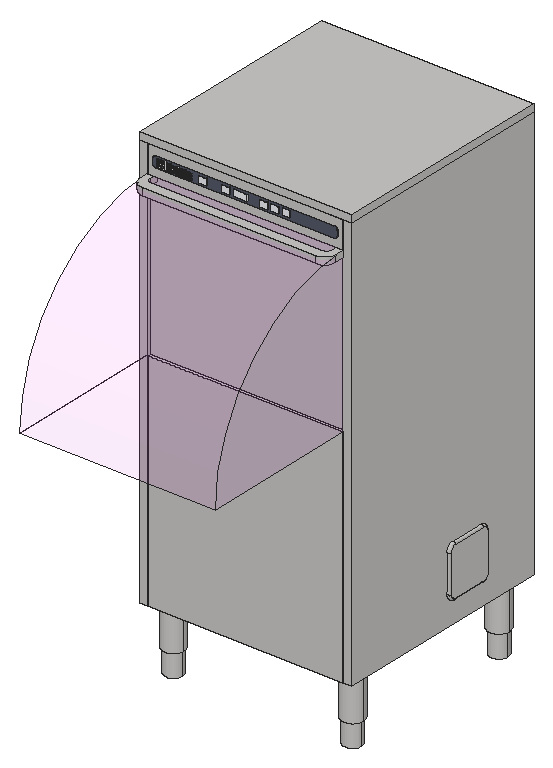
Revit family "QF_ELECTROLUXPROFESSIONAL_503026_WTU40ADPD", category Attrezzature speciali, Revit 2020
Family settings
  Quota connettore circolare = Usa diametro
  Tipo di parte = Normale
  Basato su piano di lavoro = No
  Sempre verticale = Sì
  Taglio con vuoti quando caricato = No
  Condiviso = No
  Punto di calcolo locali = No
Parameters (values of type "Standard")
  Weight = 97.00 kg
  Watts = 9900 W
  Volts = 400 V
  URL Manufacturer = "https://www.electroluxprofessional.com/"
  URL = "https://www.electroluxprofessional.com/"
  Steam Supply Size = 0 mm
  Steam Supply Minimum Pressure = 0.0 Pa
  Steam Supply Maximum Pressure = 0.0 Pa
  Steam Consumption per Hour = 0
  Show Logo [instance] = yes
  Show Clearance [instance] = yes
  Refrigeration Suction Line Size = 0 mm
  Refrigeration Liquid Line Size = 0 mm
  Refrigerant Compressor Remote = yes
  Prospetto di default = 0 mm
  Produttore = "Electrolux Professional"
  Phase = 3
  Modello = "WTU40ADPD"
  Length Actual = 642 mm  # constant formula
  Item Number = "503026"
  Hot Water Size = 19.05 mm
  Height Actual = 1477 mm  # constant formula
  HP = "13.3 HP"
  Gas Size = 0 mm
  Gas KW = 0
  Gas Input Pressure = 0 W
  Direct Waste Size = 20.5 mm
  Descrizione = "UTENSIL/DW. 65B/H,DRAIN P,DET,ATM.BOILER"
  Depth Actual = 723 mm  # constant formula
  Cycle = 50 Hz
  Condensate Return Size = 0 mm
  Compressed Air Volume = 0.0 L/s
  Compressed Air Size = 0 mm
  Compressed Air Pressure = 0.0 Pa
  Cold Water Size = 0 mm
  Accessory = yes
Reference planes
  plane 1: z = 0
  plane 2 "LEFT": x = -438
  plane 3 "BACK": y = 450
  plane 4: z = 904
  plane 5: y = 381
  plane 6: x = -388
  plane 7: z = 200
  plane 8: x = 204
  plane 9: x = -117
  plane 10: z = 880
  plane 11: z = 1477
  plane 12: z = 1363
  plane 13: x = 154
  plane 14: y = -239
  plane 15: y = -172
  plane 16: through (180, 105, 4000) normal (-0.7071, -0.7071, 0)
  plane 17: through (180, 125, 4000) normal (0.7071, -0.7071, 0)
  plane 18: through (47, -3351, 200) normal (-0.7071, 0, -0.7071)
  plane 19: through (47, -3351, 220) normal (0.7071, 0, -0.7071)
  plane 20: y = 392
  plane 21: x = -173
  plane 22: y = 392
  plane 23: x = -117
  plane 24: y = -76
  plane 25: x = -208
Forms (mm)
  Extrusion 1, solid, material "QF_Finishes_Stainless Steel"
    sketch origin (0, 211, 0) x (1, 0, 0) y (0, 1, 0)
      loop
        line (-438, 239) -> (-438, -450) -> (-413, -450) -> (-413, -418) -> (179, -418) -> (179, -450) -> (204, -450) -> (204, 239) -> (-438, 239)
    from 200 to 1455
  Extrusion 2, solid, material "QF_Finishes_Stainless Steel"
    sketch origin (-247.596, -58.023, 198) x (0, -1, 0) y (1, 0, 0)
      loop
        line (-163.023, 407.596) -> (-163.023, 427.596) -> (-183.023, 427.596) -> (-183.023, 407.596) -> (-163.023, 407.596)
    from 0 to 2
  Extrusion 3, solid, material "QF_Finishes_Stainless Steel"
    sketch origin (-1275.159, 1164.464, 194.383) x (1, 0, 0) y (0, 1, 0)
      loop
        circle (1102.159, -772.464) r 10
    from -9.383 to 5.617
  Extrusion 4, solid, material "QF_Finishes_Stainless Steel"
    sketch origin (-30, 211, -709) x (1, 0, 0) y (0, 1, 0)
      loop
        line (-383, -440) -> (209, -440) -> (209, -420) -> (-383, -420) -> (-383, -440)
    from 1589 to 2082
  Extrusion 5, solid, material "QF_Finishes_Stainless Steel"
    sketch origin (-30, 211, -1192) x (1, 0, 0) y (0, 1, 0)
      loop
        line (-383, -450) -> (209, -450) -> (209, -420) -> (-383, -420) -> (-383, -450)
    from 1392 to 2072
  Extrusion 6, solid, material "QF_Finishes_Door Clearance", visible <- "Show Clearance"
    sketch origin (-259, -429, 522.718) x (0, 1, 0) y (0, 0, -1)
      loop
        line (200, -357.282) -> (-293, -357.282)
        arc (-293, -357.282) -> (-148.604, -705.885) -> (200, -850.282) r 493
        line (200, -850.282) -> (200, -357.282)
    from 154 to -438
  Extrusion 7, solid, material "QF_Finishes_Stainless Steel"
    sketch origin (-30, 211, -19) x (1, 0, 0) y (0, 1, 0)
      loop
        line (-383, -450) -> (209, -450) -> (209, -420) -> (-383, -420) -> (-383, -450)
    from 1392 to 1474
  Extrusion 8, solid, material "QF_Finishes_Stainless Steel"
    sketch origin (-57, 0, 63) x (1, 0, 0) y (0, 1, 0)
      loop
        line (-381, -239) -> (261, -239) -> (261, 450) -> (-381, 450) -> (-381, -239)
    from 1392 to 1414
  Extrusion 9, solid, material "QF_Finishes_Stainless Steel"
    sketch origin (-380.596, 450, 36.977) x (1, 0, 0) y (0, 0, -1)
      loop
        line (407.596, -163.023) -> (407.596, -183.023) -> (427.596, -183.023) -> (427.596, -163.023) -> (407.596, -163.023)
    from 0 to 2
  Extrusion 10, solid, material "QF_Finishes_Stainless Steel"
    sketch origin (-1219.159, 1164.464, 194.383) x (1, 0, 0) y (0, 1, 0)
      loop
        circle (1102.159, -772.464) r 10
    from -9.383 to 5.617
  Extrusion 11, solid, material "QF_Finishes_Stainless Steel"
    sketch origin (-1107.159, 1164.464, 194.383) x (1, 0, 0) y (0, 1, 0)
      loop
        circle (1102.159, -772.464) r 10
    from -9.383 to 5.617
  Extrusion 12, solid, material "QF_Finishes_Stainless Steel"
    sketch origin (-1310.159, 696.464, 194.383) x (1, 0, 0) y (0, 1, 0)
      loop
        circle (1102.159, -772.464) r 10
    from -9.383 to 5.617
Dimensions and locks
  plane 4 to level = 904 mm
  plane 3 "BACK" to plane 5 = 69 mm
  plane 2 "LEFT" to plane 6 = 50 mm
  plane 2 "LEFT" to plane 8 = 642 mm
  equal spacing: plane 2 "LEFT", plane 9, plane 8
  plane 10 to level = 880 mm
  plane 11 to level = 1477 mm
  plane 12 to plane 10 = 483 mm
  nested 1 to plane 6 = 0 mm
  plane 13 to plane 8 = 50 mm
  plane 3 "BACK" to plane 14 = 689 mm
  plane 15 to plane 14 = 67 mm
  aligned and locked: level to plane 1
Automatic sketch dimensions
  Extrusion 1 sketch curve to plane 2 "LEFT" = 0 mm
  plane 14 to Extrusion 1 sketch curve = 0 mm  (x2)
  Extrusion 1 sketch curve to plane 3 "BACK" = 0 mm
  Extrusion 1 sketch curve to plane 8 = 0 mm
  plane 2 "LEFT" to Extrusion 1 sketch curve = 25 mm
  plane 8 to Extrusion 1 sketch curve = 25 mm
  Extrusion 1 sketch curve to plane 14 = 32 mm
  Extrusion 2 sketch curve to plane 16 = 0 mm
  plane 17 to Extrusion 2 sketch curve = 0 mm
  Extrusion 2 sketch curve to plane 17 = 0 mm
  Extrusion 2 sketch curve to plane 13 = 6 mm
  plane 20 to Extrusion 3 sketch curve = 0 mm
  Extrusion 3 sketch curve to plane 21 = 0 mm
  plane 2 "LEFT" to Extrusion 4 sketch curve = 25 mm
  plane 8 to Extrusion 4 sketch curve = 25 mm
  Extrusion 4 sketch curve to plane 14 = 10 mm
  Extrusion 4 sketch curve to Extrusion 4 sketch curve = 20 mm
  plane 14 to Extrusion 5 sketch curve = 0 mm
  plane 2 "LEFT" to Extrusion 5 sketch curve = 25 mm
  plane 8 to Extrusion 5 sketch curve = 25 mm
  Extrusion 5 sketch curve to plane 14 = 30 mm
  plane 10 to Extrusion 6 sketch curve = 0 mm  (x2)
  Extrusion 6 sketch curve to plane 14 = 10 mm
  plane 12 to Extrusion 6 sketch curve = 10 mm
  plane 14 to Extrusion 7 sketch curve = 0 mm
  plane 2 "LEFT" to Extrusion 7 sketch curve = 25 mm
  plane 8 to Extrusion 7 sketch curve = 25 mm
  Extrusion 7 sketch curve to plane 14 = 30 mm
  Extrusion 8 sketch curve to plane 3 "BACK" = 0 mm
  plane 14 to Extrusion 8 sketch curve = 0 mm
  Extrusion 8 sketch curve to plane 8 = 0 mm
  Extrusion 8 sketch curve to plane 2 "LEFT" = 0 mm
  plane 18 to Extrusion 9 sketch curve = 0 mm
  Extrusion 9 sketch curve to plane 7 = 0 mm
  Extrusion 9 sketch curve to plane 19 = 0 mm  (x2)
  Extrusion 10 sketch curve to plane 9 = 0 mm
  plane 20 to Extrusion 10 sketch curve = 0 mm
  plane 20 to Extrusion 11 sketch curve = 0 mm
  Extrusion 11 sketch curve to plane 9 = 112 mm
  plane 2 "LEFT" to Extrusion 12 sketch curve = 230 mm
  Extrusion 12 sketch curve to plane 5 = 457 mm
  radius of Extrusion 3 sketch curve = 10 mm
  radius of Extrusion 10 sketch curve = 10 mm
  radius of Extrusion 11 sketch curve = 10 mm
  radius of Extrusion 12 sketch curve = 10 mm
Nested families
  nested 1: "Piedino H200 - DISHWASHING" at (-388, -172, 0), type "Piedino H200 - DISHWASHING"
    with H 200 mm
  nested 2: "Piedino H200 - DISHWASHING" at (-388, 381, 0), type "Piedino H200 - DISHWASHING"
    with H 200 mm
  nested 3: "Piedino H200 - DISHWASHING" at (154, -172, 0), type "Piedino H200 - DISHWASHING"
    with H 200 mm
  nested 4: "Piedino H200 - DISHWASHING" at (154, 381, 0), type "Piedino H200 - DISHWASHING"
    with H 200 mm
  nested 5: "MANIGLIA_DISHWASHING_ROUND" at (-117, -229, 1362.997) x (1, 0, 0) z (0, -1, 0), type "MANIGLIA_DISHWASHING_ROUND"
  nested 6: "Tastierino_DISHWASHING_BLU ELECTROLUX - LUNGO" at (-117, -239, 1414) x (1, 0, 0) z (0, -1, 0), type "Tastierino_DISHWASHING_BLU ELECTROLUX - LUNGO"
    with Show Logo yes
  nested 7: "BOCCHETTONE DISHWASHING" at (204, 191, 350) x (0, -1, 0) z (1, 0, 0), type "BOCCHETTONE DISHWASHING"
  nested 8: "ELX_LOGO_MONO_SMALL_WHITE" at (-360.07, -240, 1463) x (1, 0, 0) z (0, -1, 0), Show Logo <- "Show Logo", visible <- "Show Logo", type "ELX_LOGO_MONO_SMALL_WHITE"
    with Show Logo yes
  nested 9: "ELX_LOGO_WORDS_WHITE" at (-314.654, -240, 1414) x (1, 0, 0) z (0, -1, 0), Show Logo <- "Show Logo", visible <- "Show Logo", type "ELX_LOGO_WORDS_WHITE"
    with Show Logo yes
Connectors
  electrical at (170, 115, 198)
    settings: on Extrusion 2, index 69, voltage 0 V, apparent load 0 VA, apparent load phase1 0 VA, apparent load phase2 0 VA, apparent load phase3 0 VA, power factor 1, load classification "Altro", number of poles 1, system type 30, power factor state 1, is connector primary yes, connector utility no, sub classification motor no, connector description "EI"
  piping at (-173, 392, 185), diameter 12.9
    settings: on Extrusion 3, index 70, connector inside diameter 609.6 mm, connector length 0 mm, flow factor 0, pipe flow 0.0 L/s, pressure drop 0.0 Pa, fitting loss kfactor 0, connector angle 0.00°, fixture units 0, engagement length 0 mm, angle of deflection 0.00°, flow configuration 0, flow direction 0, fitting loss method 0, system type 29, joint type 0, gender type 0, connector reference index -1, connector utility 0, adjustable connector no, is connector primary yes, connector description "XD"
  electrical at (37, 450, 210)
    settings: on Extrusion 9, index 71, voltage 0 V, apparent load 0 VA, apparent load phase1 0 VA, apparent load phase2 0 VA, apparent load phase3 0 VA, power factor 1, load classification "Altro", number of poles 1, system type 30, power factor state 1, is connector primary no, connector utility no, sub classification motor no, connector description "EQ"
  piping at (-117, 392, 185), diameter 12.9
    settings: on Extrusion 10, index 72, connector inside diameter 609.6 mm, connector length 0 mm, flow factor 0, pipe flow 0.0 L/s, pressure drop 0.0 Pa, fitting loss kfactor 0, connector angle 0.00°, fixture units 0, engagement length 0 mm, angle of deflection 0.00°, flow configuration 0, flow direction 0, fitting loss method 0, system type 29, joint type 0, gender type 0, connector reference index -1, connector utility 0, adjustable connector no, is connector primary no, connector description "D"
  piping at (-5, 392, 185), diameter 12.9
    settings: on Extrusion 11, index 73, connector inside diameter 609.6 mm, connector length 0 mm, flow factor 0, pipe flow 0.0 L/s, pressure drop 0.0 Pa, fitting loss kfactor 0, connector angle 0.00°, fixture units 0, engagement length 0 mm, angle of deflection 0.00°, flow configuration 0, flow direction 0, fitting loss method 0, system type 29, joint type 0, gender type 0, connector reference index -1, connector utility 0, adjustable connector no, is connector primary no, connector description "HWI"
  piping at (-208, -76, 185), diameter 12.9
    settings: on Extrusion 12, index 74, connector inside diameter 609.6 mm, connector length 0 mm, flow factor 0, pipe flow 0.0 L/s, pressure drop 0.0 Pa, fitting loss kfactor 0, connector angle 0.00°, fixture units 0, engagement length 0 mm, angle of deflection 0.00°, flow configuration 0, flow direction 0, fitting loss method 0, system type 29, joint type 0, gender type 0, connector reference index -1, connector utility 0, adjustable connector no, is connector primary no, connector description "D"
Definition of nested family "Piedino H200 - DISHWASHING"
  Parameters (values of type "Piedino H200 - DISHWASHING")
    Default Elevation = 0 mm
    H [instance] = 200 mm
  Reference planes
    plane 1 "Centro (Fronte/Retro)": y = 0
    plane 2: z = 0
    plane 3 "Centro (Sinistra/Destra)": x = 0
    plane 4: z = 70.047
  Forms (mm)
    Revolve 1, solid
      sketch origin (55, 0, 0) x (-1, 0, 0) y (0, 0, -1)
        loop
          line (55, 0) -> (27.6, 0) -> (27.6, -70.047) -> (22.6, -70.047) -> (22.6, -200) -> (55, -200) -> (55, 0)
        axis (55, 0) -> (55, -200)
      angle from 0 to 360
  Dimensions and locks
    "H": Revolve 1 to plane 2
    aligned and locked: level to plane 2
  Automatic sketch dimensions
    Revolve 1 sketch curve to plane 4 = 0 mm
    Revolve 1 sketch curve to level = 0 mm
    Revolve 1 sketch curve to plane 3 "Centro (Sinistra/Destra)" = 0 mm  (x2)
    plane 3 "Centro (Sinistra/Destra)" to Revolve 1 sketch curve = 27.4 mm
    Revolve 1 sketch curve to Revolve 1 sketch curve = 5 mm
    Revolve 1 sketch curve to plane 4 = 129.953 mm
    Revolve 1 sketch curve to Revolve 1 sketch curve = 0 mm
    Revolve 1 sketch curve to Revolve 1 sketch curve = 20 mm
Definition of nested family "MANIGLIA_DISHWASHING_ROUND"
  Parameters (values of type "MANIGLIA_DISHWASHING_ROUND")
    Default Elevation = 1219.2 mm
  Reference planes
    plane 1 "Centro (Fronte/Retro)": y = 0
    plane 2: z = 0
    plane 3 "Centro (Sinistra/Destra)": x = 0
    plane 4: z = 72
    plane 5: x = -296
    plane 6: x = 296
  Forms (mm)
    Extrusion 1, solid
      sketch origin (0, 0, 0) x (1, 0, 0) y (0, 1, 0)
        loop
          line (-1219.2, 1219.2) -> (-1219.2, -1219.2) -> (1219.2, -1219.2) -> (1219.2, 1219.2) -> (-1219.2, 1219.2)
      from 0 to -304.8
    Extrusion 2, solid
      sketch origin (0, 10.003, 0) x (1, 0, 0) y (0, 0, 1)
        loop
          line (-296, 0) -> (-276, 0) -> (-276, 27)
          arc (-276, 27) -> (-271.607, 37.607) -> (-261, 42) r 15
          line (-261, 42) -> (261, 42)
          arc (261, 42) -> (271.607, 37.607) -> (276, 27) r 15
          line (276, 27) -> (276, 0) -> (296, 0) -> (296, 37)
          arc (296, 37) -> (285.749, 61.749) -> (261, 72) r 35
          line (261, 72) -> (-261, 72)
          arc (-261, 72) -> (-285.749, 61.749) -> (-296, 37) r 35
          line (-296, 37) -> (-296, 0)
      from 0 to 20.005
  Dimensions and locks
    plane 5 to plane 6 = 592 mm
    aligned and locked: plane 2 to Extrusion 1
    aligned and locked: level to Extrusion 1
Definition of nested family "Tastierino_DISHWASHING_BLU ELECTROLUX - LUNGO"
  Parameters (values of type "Tastierino_DISHWASHING_BLU ELECTROLUX - LUNGO")
    Show Logo [instance] = yes
    Default Elevation = 1219.2 mm
  Reference planes
    plane 1 "Centro (Fronte/Retro)": y = 0
    plane 2: z = 0
    plane 3 "Centro (Sinistra/Destra)": x = 0
  Forms (mm)
    Extrusion 1, solid
      sketch origin (0, 0, 0) x (1, 0, 0) y (0, 1, 0)
        loop
          line (-1219.2, 1219.2) -> (-1219.2, -1219.2) -> (1219.2, -1219.2) -> (1219.2, 1219.2) -> (-1219.2, 1219.2)
      from 0 to -304.8
    Extrusion 2, solid
      sketch origin (0, -346.27, 0) x (1, 0, 0) y (0, 1, 0)
        loop
          line (-279, 352.097) -> (-279, 340.442)
          arc (-279, 340.442) -> (-276.071, 333.371) -> (-269, 330.442) r 10
          line (-269, 330.442) -> (269, 330.442)
          arc (269, 330.442) -> (276.071, 333.371) -> (279, 340.442) r 10
          line (279, 340.442) -> (279, 352.097)
          arc (279, 352.097) -> (276.071, 359.169) -> (269, 362.097) r 10
          line (269, 362.097) -> (-269, 362.097)
          arc (-269, 362.097) -> (-276.071, 359.169) -> (-279, 352.097) r 10
      from 0 to 1
    Extrusion 3, solid
      sketch origin (15, -346.27, 0) x (1, 0, 0) y (0, 1, 0)
        loop
          line (-154.168, 355.847) -> (-154.168, 336.692) -> (-131.389, 336.692) -> (-131.389, 355.847) -> (-154.168, 355.847)
        loop
          line (-84.168, 355.847) -> (-84.168, 336.692) -> (-61.389, 336.692) -> (-61.389, 355.847) -> (-84.168, 355.847)
        loop
          line (30.832, 355.847) -> (30.832, 336.692) -> (53.611, 336.692) -> (53.611, 355.847) -> (30.832, 355.847)
        loop
          line (63.497, 355.847) -> (63.497, 336.692) -> (86.275, 336.692) -> (86.275, 355.847) -> (63.497, 355.847)
        loop
          line (98.497, 355.847) -> (98.497, 336.692) -> (121.275, 336.692) -> (121.275, 355.847) -> (98.497, 355.847)
        loop
          line (-48.676, 355.847) -> (-48.676, 336.692) -> (-8.383, 336.692) -> (-8.383, 355.847) -> (-48.676, 355.847)
      from 0 to 2
  Dimensions and locks
    aligned and locked: plane 2 to Extrusion 1
    aligned and locked: level to Extrusion 1
Definition of nested family "BOCCHETTONE DISHWASHING"
  Parameters (values of type "BOCCHETTONE DISHWASHING")
    Default Elevation = 1219.2 mm
  Reference planes
    plane 1 "Centro (Fronte/Retro)": y = 0
    plane 2: z = 0
    plane 3 "Centro (Sinistra/Destra)": x = 0
  Forms (mm)
    Extrusion 1, solid
      sketch origin (0, 0, 0) x (1, 0, 0) y (0, 1, 0)
        loop
          line (-1219.2, 1219.2) -> (-1219.2, -1219.2) -> (1219.2, -1219.2) -> (1219.2, 1219.2) -> (-1219.2, 1219.2)
      from 0 to -304.8
    Extrusion 2, solid
      sketch origin (-411.544, -195.727, 0) x (1, 0, 0) y (0, 1, 0)
        loop
          arc (359.044, 268.227) -> (348.437, 263.833) -> (344.044, 253.227) r 15
          line (344.044, 253.227) -> (344.044, 138.227)
          arc (344.044, 138.227) -> (348.437, 127.62) -> (359.044, 123.227) r 15
          line (359.044, 123.227) -> (464.044, 123.227)
          arc (464.044, 123.227) -> (474.65, 127.62) -> (479.044, 138.227) r 15
          line (479.044, 138.227) -> (479.044, 253.227)
          arc (479.044, 253.227) -> (474.65, 263.833) -> (464.044, 268.227) r 15
          line (464.044, 268.227) -> (359.044, 268.227)
      from 0 to 13.165
    Sweep 3, solid
      path in 3D
        loop
          arc (-52.5, 72.5, 13.165) -> (-63.107, 68.107, 13.165) -> (-67.5, 57.5, 13.165) r 15
          line (-67.5, 57.5, 13.165) -> (-67.5, -57.5, 13.165)
          arc (-67.5, -57.5, 13.165) -> (-63.107, -68.107, 13.165) -> (-52.5, -72.5, 13.165) r 15
          line (-52.5, -72.5, 13.165) -> (52.5, -72.5, 13.165)
          arc (52.5, -72.5, 13.165) -> (63.107, -68.107, 13.165) -> (67.5, -57.5, 13.165) r 15
          line (67.5, -57.5, 13.165) -> (67.5, 57.5, 13.165)
          arc (67.5, 57.5, 13.165) -> (63.107, 68.107, 13.165) -> (52.5, 72.5, 13.165) r 15
          line (52.5, 72.5, 13.165) -> (-52.5, 72.5, 13.165)
      profile origin (0, 72.5, 13.165) x (0, 0, 1) y (0, 1, 0)
        loop
          arc (-1.054, 0) -> (-6.598, 5.544) -> (-12.141, 0) r 5.544
          line (-12.141, 0) -> (-1.054, 0)
  Lines and regions (mm)
    sketch lines
      curve 1: line (52.5, 72.5, 13.165) -> (-52.5, 72.5, 13.165)
      curve 2: arc (-67.5, 57.5, 13.165) -> (-63.107, 68.107, 13.165) -> (-52.5, 72.5, 13.165) r 15
      curve 3: line (-67.5, 57.5, 13.165) -> (-67.5, -57.5, 13.165)
      curve 4: arc (-52.5, -72.5, 13.165) -> (-63.107, -68.107, 13.165) -> (-67.5, -57.5, 13.165) r 15
      curve 5: line (-52.5, -72.5, 13.165) -> (52.5, -72.5, 13.165)
      curve 6: line (67.5, -57.5, 13.165) -> (67.5, 57.5, 13.165)
      curve 7: arc (52.5, 72.5, 13.165) -> (63.107, 68.107, 13.165) -> (67.5, 57.5, 13.165) r 15
      curve 8: arc (67.5, -57.5, 13.165) -> (63.107, -68.107, 13.165) -> (52.5, -72.5, 13.165) r 15
  Dimensions and locks
    aligned and locked: plane 2 to Extrusion 1
    aligned and locked: level to Extrusion 1
Definition of nested family "ELX_LOGO_MONO_SMALL_WHITE"
  Parameters (values of type "ELX_LOGO_MONO_SMALL_WHITE")
    Show Logo [instance] = yes
    Default Elevation = 1219.2 mm
  Reference planes
    plane 1 "Center (Front/Back)": y = -49
    plane 2: z = 0
    plane 3 "Center (Left/Right)": x = -9.92
  Forms (mm)
    Extrusion 1, solid
      sketch origin (0, 0, 0) x (1, 0, 0) y (0, 1, 0)
        loop
          line (-1219.2, 1219.2) -> (-1219.2, -1219.2) -> (1219.2, -1219.2) -> (1219.2, 1219.2) -> (-1219.2, 1219.2)
      from 0 to -304.8
    Extrusion 2, solid, visible <- "Show Logo"
      sketch origin (84.462, 509.781, 0) x (1, 0, 0) y (0, 1, 0)
        loop
          line (-97.736, -569.727) -> (-97.736, -547.891)
          arc (-97.736, -547.891) -> (-105.808, -558.809) -> (-97.736, -569.727) r 11.42
        loop
          arc (-96.625, -569.727) -> (-87.544, -567.663) -> (-83.169, -559.442) r 11.191
          line (-83.169, -559.442) -> (-86.782, -559.442)
          arc (-86.782, -559.442) -> (-93.235, -562.062) -> (-96.625, -568.146) r 10.49
          line (-96.625, -568.146) -> (-96.625, -569.727)
        loop
          arc (-96.625, -549.472) -> (-93.235, -555.557) -> (-86.782, -558.176) r 10.49
          line (-86.782, -558.176) -> (-83.169, -558.176)
          arc (-83.169, -558.176) -> (-87.537, -549.888) -> (-96.625, -547.611) r 11.484
          line (-96.625, -547.611) -> (-96.625, -549.472)
        loop
          line (-82.34, -570.919) -> (-82.34, -546.65) -> (-106.642, -546.65) -> (-106.642, -570.919) -> (-82.34, -570.919)
      from 0 to 1.644
  Dimensions and locks
    aligned and locked: plane 2 to Extrusion 1
    aligned and locked: level to Extrusion 1
Definition of nested family "ELX_LOGO_WORDS_WHITE"
  Parameters (values of type "ELX_LOGO_WORDS_WHITE")
    Show Logo [instance] = yes
    Default Elevation = 0 mm
  Reference planes
    plane 1 "Centro (Fronte/Retro)": y = 0
    plane 2: z = 0
    plane 3 "Centro (Sinistra/Destra)": x = 0
  Forms (mm)
    Extrusion 1, solid
      sketch origin (0, 0, 0) x (1, 0, 0) y (0, 1, 0)
        loop
          line (-1219.2, 1219.2) -> (-1219.2, -1219.2) -> (1219.2, -1219.2) -> (1219.2, 1219.2) -> (-1219.2, 1219.2)
      from 0 to -304.8
    Extrusion 2, solid, visible <- "Show Logo"
      sketch origin (0, 0, 0) x (1, 0, 0) y (0, 1, 0)
        loop
          line (-30.234, 10.561) -> (-37.67, 10.561) -> (-37.67, 1.902)
          arc (-37.67, 1.902) -> (-36.691, -0.461) -> (-34.329, -1.439) r 3.341
          line (-34.329, -1.439) -> (-30.09, -1.439) -> (-30.09, 0.503) -> (-33.845, 0.503)
          arc (-33.845, 0.503) -> (-35.079, 0.92) -> (-35.604, 2.112) r 1.615
          line (-35.604, 2.112) -> (-35.604, 3.829) -> (-30.555, 3.829) -> (-30.555, 5.779) -> (-35.604, 5.779) -> (-35.604, 8.617) -> (-30.234, 8.617) -> (-30.234, 10.561)
        loop
          line (-28.622, 10.561) -> (-28.622, -1.439) -> (-26.555, -1.439) -> (-26.555, 10.561) -> (-28.622, 10.561)
        loop
          line (16.27, 10.561) -> (16.27, -1.439) -> (18.338, -1.439) -> (18.338, 10.561) -> (16.27, 10.561)
        loop
          line (-23.137, 2.393) -> (-16.354, 2.393)
          arc (-16.354, 2.393) -> (-17.415, 6.119) -> (-21.043, 7.478) r 4.298
          arc (-21.043, 7.478) -> (-24.239, 5.857) -> (-25.151, 2.393) r 4.373
          arc (-25.151, 2.393) -> (-23.951, -0.505) -> (-21.053, -1.705) r 4.097
          arc (-21.053, -1.705) -> (-18.799, -1.372) -> (-16.908, -0.099) r 5.15
          line (-16.908, -0.099) -> (-18.133, 1.125)
          arc (-18.133, 1.125) -> (-19.74, 0.161) -> (-21.607, 0.323) r 3.039
          arc (-21.607, 0.323) -> (-22.746, 1.081) -> (-23.137, 2.393) r 2.013
        loop
          line (-23.085, 3.846) -> (-18.431, 3.846)
          arc (-18.431, 3.846) -> (-19.084, 5.22) -> (-20.519, 5.727) r 1.983
          arc (-20.519, 5.727) -> (-22.175, 5.295) -> (-23.085, 3.846) r 2.321
        loop
          line (-8.297, 4.711) -> (-6.999, 6.009)
          arc (-6.999, 6.009) -> (-8.627, 7.187) -> (-10.604, 7.539) r 4.497
          arc (-10.604, 7.539) -> (-13.621, 6.437) -> (-15.204, 3.642) r 4.652
          arc (-15.204, 3.642) -> (-12.536, -1.257) -> (-7.072, -0.127) r 4.684
          line (-7.072, -0.127) -> (-8.363, 1.163)
          arc (-8.363, 1.163) -> (-11.149, 0.242) -> (-13.145, 2.393) r 2.714
          arc (-13.145, 2.393) -> (-13.006, 4.094) -> (-11.835, 5.335) r 2.578
          arc (-11.835, 5.335) -> (-9.96, 5.621) -> (-8.297, 4.711) r 2.961
        loop
          line (-5.73, 10.561) -> (-5.73, 2.36)
          arc (-5.73, 2.36) -> (-5.551, 1.13) -> (-5.09, -0.025) r 5.301
          arc (-5.09, -0.025) -> (-3.615, -1.198) -> (-1.746, -1.445) r 3.531
          line (-1.746, -1.445) -> (-1.746, 0.492)
          arc (-1.746, 0.492) -> (-2.302, 0.534) -> (-2.82, 0.74) r 1.862
          arc (-2.82, 0.74) -> (-3.484, 1.442) -> (-3.662, 2.393) r 1.713
          line (-3.662, 2.393) -> (-3.662, 5.362) -> (-1.785, 5.362) -> (-1.785, 7.24) -> (-3.662, 7.24) -> (-3.662, 10.561) -> (-5.73, 10.561)
        loop
          arc (2.004, 3.123) -> (2.152, 3.988) -> (2.578, 4.755) r 2.607
          arc (2.578, 4.755) -> (3.817, 5.391) -> (5.208, 5.362) r 2.84
          line (5.208, 5.362) -> (5.208, 7.349)
          arc (5.208, 7.349) -> (3.39, 7.177) -> (2.004, 5.989) r 3.016
          line (2.004, 5.989) -> (2.004, 7.24) -> (-0.046, 7.24) -> (-0.046, -1.439) -> (2.004, -1.439) -> (2.004, 3.123)
        loop
          circle (10.262, 2.899) r 4.599
        loop
          circle (10.262, 2.899) r 2.787
        loop
          arc (25.793, 2.175) -> (25.283, 0.772) -> (23.898, 0.213) r 1.835
          arc (23.898, 0.213) -> (22.514, 0.772) -> (22.004, 2.175) r 1.835
          line (22.004, 2.175) -> (22.004, 7.24) -> (19.919, 7.24) -> (19.919, 2.003)
          arc (19.919, 2.003) -> (21.105, -0.701) -> (23.898, -1.659) r 3.675
          arc (23.898, -1.659) -> (26.723, -0.672) -> (27.877, 2.088) r 3.675
          line (27.877, 2.088) -> (27.877, 7.24) -> (25.793, 7.24) -> (25.793, 2.175)
        loop
          line (29.126, 7.24) -> (32.128, 3.164) -> (28.83, -1.442) -> (31.052, -1.442) -> (33.241, 1.615) -> (35.462, -1.442) -> (37.67, -1.442) -> (34.419, 3.211) -> (37.392, 7.24) -> (35.135, 7.24) -> (33.234, 4.663) -> (31.362, 7.24) -> (29.126, 7.24)
        loop
          line (-35.875, -6.414) -> (-37.523, -6.414) -> (-37.523, -10.564) -> (-36.621, -10.564) -> (-36.621, -9.135) -> (-35.625, -9.135)
          arc (-35.625, -9.135) -> (-34.509, -7.66) -> (-35.875, -6.414) r 1.372
        loop
          arc (-35.664, -8.32) -> (-35.322, -7.786) -> (-35.664, -7.253) r 0.587
          line (-35.664, -7.253) -> (-36.621, -7.253) -> (-36.621, -8.32) -> (-35.664, -8.32)
        loop
          line (-29.363, -6.414) -> (-31.04, -6.414) -> (-31.04, -10.564) -> (-30.138, -10.564) -> (-30.138, -9.135) -> (-29.265, -9.135) -> (-28.669, -10.564) -> (-27.7, -10.564) -> (-28.516, -8.814)
          arc (-28.516, -8.814) -> (-28.125, -8.347) -> (-27.994, -7.752) r 1.281
          arc (-27.994, -7.752) -> (-28.406, -6.804) -> (-29.363, -6.414) r 1.37
        loop
          line (-30.138, -7.253) -> (-30.138, -8.32) -> (-29.18, -8.32)
          arc (-29.18, -8.32) -> (-28.839, -7.786) -> (-29.18, -7.253) r 0.587
          line (-29.18, -7.253) -> (-30.138, -7.253)
        loop
          circle (-22.402, -8.489) r 2.156
        loop
          circle (-22.402, -8.489) r 1.368
        loop
          line (-16.703, -6.414) -> (-16.703, -10.564) -> (-15.823, -10.564) -> (-15.823, -9.114) -> (-14.261, -9.114) -> (-14.261, -8.184) -> (-15.823, -8.184) -> (-15.823, -7.308) -> (-14.111, -7.308) -> (-14.111, -6.414) -> (-16.703, -6.414)
        loop
          line (-10.611, -6.414) -> (-10.611, -9.216)
          arc (-10.611, -9.216) -> (-10.229, -10.166) -> (-9.284, -10.561) r 1.327
          line (-9.284, -10.561) -> (-7.945, -10.561) -> (-7.945, -9.777) -> (-9.204, -9.777)
          arc (-9.204, -9.777) -> (-9.668, -9.394) -> (-9.759, -8.799) r 0.845
          line (-9.759, -8.799) -> (-8.1, -8.799) -> (-8.1, -8.015) -> (-9.759, -8.015) -> (-9.759, -7.198) -> (-7.985, -7.198) -> (-7.985, -6.414) -> (-10.611, -6.414)
        loop
          arc (4.417, -6.94) -> (3.867, -6.489) -> (3.171, -6.345) r 1.485
          arc (3.171, -6.345) -> (2.528, -6.503) -> (2, -6.902) r 1.645
          arc (2, -6.902) -> (1.902, -7.844) -> (2.51, -8.571) r 1.217
          arc (2.51, -8.571) -> (3.021, -8.741) -> (3.506, -8.976) r 4.201
          arc (3.506, -8.976) -> (3.812, -9.337) -> (3.601, -9.761) r 0.43
          arc (3.601, -9.761) -> (3.209, -9.853) -> (2.819, -9.754) r 0.846
          arc (2.819, -9.754) -> (2.482, -9.511) -> (2.275, -9.15) r 0.983
          line (2.275, -9.15) -> (1.549, -9.489)
          arc (1.549, -9.489) -> (1.811, -9.993) -> (2.232, -10.374) r 1.595
          arc (2.232, -10.374) -> (2.71, -10.578) -> (3.227, -10.63) r 1.719
          arc (3.227, -10.63) -> (3.867, -10.503) -> (4.442, -10.197) r 2.246
          arc (4.442, -10.197) -> (4.697, -9.52) -> (4.566, -8.81) r 1.349
          arc (4.566, -8.81) -> (4.282, -8.482) -> (3.919, -8.245) r 1.564
          arc (3.919, -8.245) -> (3.46, -8.04) -> (2.99, -7.864) r 8.236
          arc (2.99, -7.864) -> (2.718, -7.441) -> (3.111, -7.128) r 0.375
          arc (3.111, -7.128) -> (3.581, -7.241) -> (3.943, -7.563) r 0.998
          line (3.943, -7.563) -> (4.417, -6.94)
        loop
          line (8.225, -6.414) -> (8.225, -10.561) -> (9.077, -10.561) -> (9.077, -6.414) -> (8.225, -6.414)
        loop
          circle (14.827, -8.488) r 1.29
        loop
          circle (14.827, -8.488) r 2.154
        loop
          line (20.548, -10.561) -> (21.409, -10.561) -> (21.409, -7.954) -> (23.306, -10.561) -> (24.135, -10.561) -> (24.135, -6.414) -> (23.274, -6.414) -> (23.274, -9.101) -> (21.377, -6.414) -> (20.548, -6.414) -> (20.548, -10.561)
        loop
          line (28.435, -10.561) -> (28.839, -9.667) -> (30.373, -9.667) -> (30.777, -10.561) -> (31.693, -10.561) -> (29.942, -6.414) -> (29.142, -6.414) -> (27.519, -10.561) -> (28.435, -10.561)
        loop
          line (29.99, -8.816) -> (29.579, -7.905) -> (29.18, -8.816) -> (29.99, -8.816)
        loop
          line (35.929, -9.777) -> (35.929, -6.414) -> (35.076, -6.414) -> (35.076, -10.561) -> (37.523, -10.561) -> (37.523, -9.777) -> (35.929, -9.777)
        loop
          arc (-1.8, -6.94) -> (-2.35, -6.489) -> (-3.046, -6.345) r 1.485
          arc (-3.046, -6.345) -> (-3.689, -6.503) -> (-4.218, -6.902) r 1.645
          arc (-4.218, -6.902) -> (-4.316, -7.844) -> (-3.708, -8.571) r 1.217
          arc (-3.708, -8.571) -> (-3.197, -8.741) -> (-2.712, -8.976) r 4.201
          arc (-2.712, -8.976) -> (-2.405, -9.337) -> (-2.616, -9.761) r 0.43
          arc (-2.616, -9.761) -> (-3.008, -9.853) -> (-3.399, -9.754) r 0.846
          arc (-3.399, -9.754) -> (-3.736, -9.511) -> (-3.942, -9.15) r 0.983
          line (-3.942, -9.15) -> (-4.668, -9.489)
          arc (-4.668, -9.489) -> (-4.407, -9.993) -> (-3.985, -10.374) r 1.595
          arc (-3.985, -10.374) -> (-3.507, -10.578) -> (-2.99, -10.63) r 1.719
          arc (-2.99, -10.63) -> (-2.351, -10.503) -> (-1.775, -10.197) r 2.246
          arc (-1.775, -10.197) -> (-1.521, -9.52) -> (-1.652, -8.81) r 1.349
          arc (-1.652, -8.81) -> (-1.936, -8.482) -> (-2.298, -8.245) r 1.564
          arc (-2.298, -8.245) -> (-2.757, -8.04) -> (-3.228, -7.864) r 8.236
          arc (-3.228, -7.864) -> (-3.5, -7.441) -> (-3.107, -7.128) r 0.375
          arc (-3.107, -7.128) -> (-2.636, -7.241) -> (-2.274, -7.563) r 0.998
          line (-2.274, -7.563) -> (-1.8, -6.94)
      from 0 to 1.644
  Dimensions and locks
    aligned and locked: plane 2 to Extrusion 1
    aligned and locked: level to Extrusion 1
